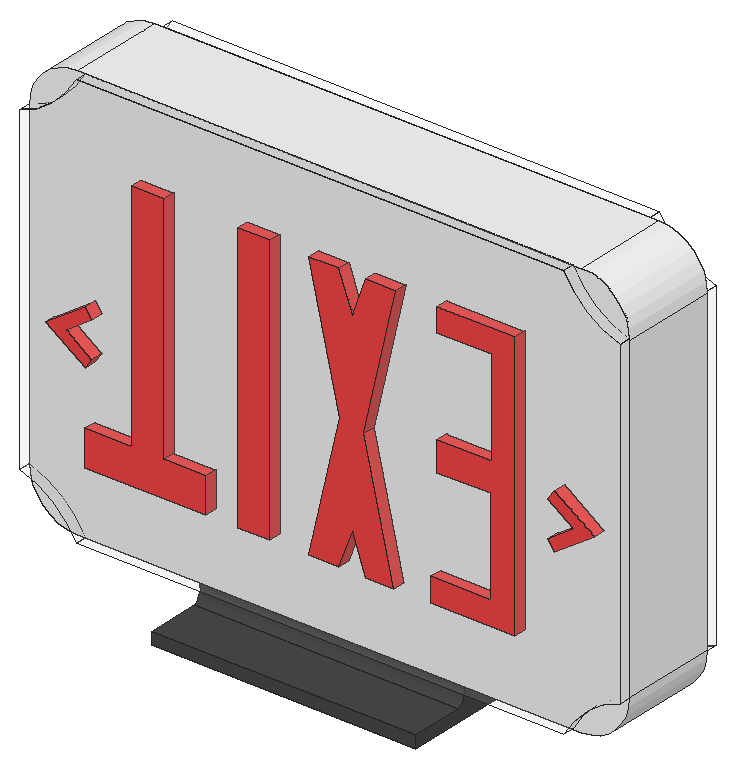
Revit family "CEW", category Lighting Fixtures, host Face, Revit 2014
Parameters (values of type "CEWDRE")
  zz Length 1 [instance] = if(Single Face, 0.200", 0.250")  # 0.200"
  Watts = 3.72 W
  Wattage Comments = "3.72 W"
  Warranty = "2 year full unit warranty"  # constant formula
  Wall Plate Material = Hubbell - Black
  Voltage [instance] = if(Is 120VAC, 120 V, 277 V)  # 120 V
  URL = "https://www.hubbell.com/compassproducts/en/"
  Type Comments = "Exit Light"  # constant formula
  Single Face = yes
  Product Page URL = "https://www.hubbell.com/compassproducts/en/Products/Lighting-Controls/Emergency-Exit-Lighting/Exit-Message-Signs/CEW/p/208920"
  Product Documentation Link = "https://hubbellcdn.com/specsheet/0003_cew_spec.pdf"
  Model = "CEWDRE"
  Manufacturer = "Compass Lighting"  # constant formula
  Load Classification = Lighting
  Lens = Hubbell - Red Glass
  Lamp = "LED Lamp"  # constant formula
  Is 277VAC [instance] = not(Is 120VAC)  # no
  Is 120VAC [instance] = yes
  Holder Material = Hubbell - Steel
  Glass = Hubbell - Glass
  Finish = Hubbell - White
  Features = "LED life-cycle of more than 10 years\r\n•\t Dual-voltage 120 or 277V AC input\r\n•\t Emergency models include long-life 4.8VDC Nickel\r\nCadmium battery for UL recognized 90 minute\r\noperation\r\n•\t Wet Location Listed(-20°C to 50°C)\r\n•\t Provided with test switch and AC-On indicator\r\n•\t Canopy Included\r\n•\t 24hr. Re-charge"  # constant formula
  Double Face = yes
  Description = "The CEW Series offers quality and value with a wet location rated emergency Exit sign."  # constant formula
  Default Elevation = 48.000"
  Certification = "UL924 Listed for Wet Location\r\nNFPA 101 and NFPA 70\r\nOSHA\r\nCEC T20 Compliant"  # constant formula
  Application = "The CEW Series can be applied in areas that are\r\nsusceptible to rain or wet conditions like pool areas or\r\nwater treatment facilities."  # constant formula
  Apparent Load = Watts  # 3.72 VA
Types (4): name | Watts | Wattage Comments | Model | Lens | Glass | Double Face | Apparent Load
  CEWDRE | 3.72 W | "3.72 W" | "CEWDRE" | Hubbell - Red Glass | Hubbell - Glass | yes | 3.72 VA
  CEWSRE | 3.72 W | "3.72 W" | "CEWSRE" | Hubbell - Red Glass | Hubbell - Glass | no | 3.72 VA
  CEWDGE | 2.7 W | "2.7W" | "CEWDGE" | Hubbell - Green Glass | Hubbell - light Glass | yes | 2.7 VA
  CEWSGE | 3.72 W | "3.72 W" | "CEWSGE" | Hubbell - Green Glass | Hubbell - light Glass | no | 3.72 VA
Reference planes (in)
  plane 1 "Center (Front/Back)": y = 0
  plane 2: z = 0
  plane 3 "Center (Left/Right)": x = 0
  plane 4: x = -6.25
  plane 5: x = 6.25
  plane 6: x = -2.75
  plane 7: x = 2.75
  plane 8: z = 9.3
  plane 9: y = -1.25
  plane 10: y = 1.25
  plane 11: y = -2.2
  plane 12: y = 2.2
Forms (in)
  Extrusion 1, solid, material "Hubbell - Black" <- "Wall Plate Material"
    sketch origin (0, 0, 0) x (0, 1, 0) y (0, 0, 1)
      loop
        line (2.20258, 0) -> (2.20258, 0.24288) -> (1.0795, 0.24288)
        arc (1.0795, 0.24288) -> (0.94157, 0.42301) -> (0.97906, 0.64676) r 0.28476
        line (0.97906, 0.64676) -> (-0.97906, 0.64676)
        arc (-0.97906, 0.64676) -> (-0.94157, 0.42301) -> (-1.0795, 0.24288) r 0.28476
        line (-1.0795, 0.24288) -> (-2.20258, 0.24288) -> (-2.20258, 0) -> (2.20258, 0)
    from -2.75 to 2.75
  Extrusion 2, solid, material "Hubbell - White" <- "Finish"
    sketch origin (0, 0, 0) x (1, 0, 0) y (0, 0, 1)
      loop
        arc (-5.25, 9.3) -> (-5.95711, 9.00711) -> (-6.25, 8.3) r 1
        line (-6.25, 8.3) -> (-6.25, 1.64676)
        arc (-6.25, 1.64676) -> (-5.95711, 0.93965) -> (-5.25, 0.64676) r 1
        line (-5.25, 0.64676) -> (5.25, 0.64676)
        arc (5.25, 0.64676) -> (5.95711, 0.93965) -> (6.25, 1.64676) r 1
        line (6.25, 1.64676) -> (6.25, 8.3)
        arc (6.25, 8.3) -> (5.95711, 9.00711) -> (5.25, 9.3) r 1
        line (5.25, 9.3) -> (-5.25, 9.3)
    from -1 to 1
  Extrusion 3, solid, material "Hubbell - Red Glass" <- "Lens", visible <- "Single Face"
    sketch origin (0, 0, 1.25) x (1, 0, 0) y (0, 0, 1)
      loop
        line (-4.88814, 3.88778) -> (-5.7073, 3.3142) -> (-4.88814, 2.74063) -> (-4.74475, 2.94542) -> (-5.27143, 3.3142) -> (-4.74475, 3.68299) -> (-4.88814, 3.88778)
      loop
        line (4.88814, 3.88778) -> (4.74475, 3.68299) -> (5.27143, 3.3142) -> (4.74475, 2.94542) -> (4.88814, 2.74063) -> (5.7073, 3.3142) -> (4.88814, 3.88778)
      loop
        line (2.43416, 6.45678) -> (2.43416, 5.97564) -> (3.5716, 5.97564) -> (3.5716, 3.97225) -> (2.43416, 3.97225) -> (2.43416, 3.36683) -> (3.55274, 3.3823) -> (3.55274, 1.3823) -> (2.30274, 1.3823) -> (2.30274, 0.8823) -> (4.05274, 0.8823) -> (4.05274, 6.45678) -> (2.43416, 6.45678)
      loop
        line (1.58093, 6.45573) -> (0.95036, 6.45573) -> (0.67318, 5.69418) -> (0.396, 6.45573) -> (-0.23457, 6.45573) -> (0.40867, 3.66954) -> (-0.23457, 0.88335) -> (0.396, 0.88335) -> (0.67318, 1.64489) -> (0.95036, 0.88335) -> (1.53078, 0.88335) -> (0.91261, 3.56092) -> (1.58093, 6.45573)
      loop
        line (-1.71319, 6.47228) -> (-1.71319, 0.88335) -> (-1.04357, 0.88335) -> (-1.04357, 6.47228) -> (-1.71319, 6.47228)
      loop
        line (-2.38057, 0.88335) -> (-2.38057, 1.61488) -> (-3.25288, 1.61488) -> (-3.25288, 6.47228) -> (-3.9225, 6.47228) -> (-3.9225, 1.61488) -> (-4.89234, 1.61488) -> (-4.89234, 0.88335) -> (-2.38057, 0.88335)
    from 1 to 1.25
  Extrusion 4, solid, material "Hubbell - Glass" <- "Glass", visible <- "Single Face"
    sketch origin (0, 0, 0) x (1, 0, 0) y (0, 0, 1)
      loop
        line (-6.24638, 8.32765) -> (-6.24638, 1.61911)
        arc (-6.24638, 1.61911) -> (-5.5641, 1.2506) -> (-5.0776, 0.64676) r 1.96421
        line (-5.0776, 0.64676) -> (5.0776, 0.64676)
        arc (5.0776, 0.64676) -> (5.5641, 1.2506) -> (6.24638, 1.61911) r 1.96421
        line (6.24638, 1.61911) -> (6.24638, 8.32765)
        arc (6.24638, 8.32765) -> (5.5641, 8.69616) -> (5.0776, 9.3) r 1.96421
        line (5.0776, 9.3) -> (-5.0776, 9.3)
        arc (-5.0776, 9.3) -> (-5.5641, 8.69616) -> (-6.24638, 8.32765) r 1.96421
    from 1 to 1.25
  Extrusion 5, solid, material "Hubbell - Red Glass" <- "Lens", visible <- "Double Face"
    sketch origin (0, 0, 8.60458) x (-1, 0, 0) y (0, 0, 1)
      loop
        line (-4.88814, -3.88778) -> (-4.74475, -3.68299) -> (-5.27143, -3.3142) -> (-4.74475, -2.94542) -> (-4.88814, -2.74063) -> (-5.7073, -3.3142) -> (-4.88814, -3.88778)
      loop
        line (4.88814, -3.88778) -> (5.7073, -3.3142) -> (4.88814, -2.74063) -> (4.74475, -2.94542) -> (5.27143, -3.3142) -> (4.74475, -3.68299) -> (4.88814, -3.88778)
      loop
        line (2.43416, -6.45678) -> (4.05274, -6.45678) -> (4.05274, -0.8823) -> (2.30274, -0.8823) -> (2.30274, -1.3823) -> (3.55274, -1.3823) -> (3.55274, -3.3823) -> (2.43416, -3.36683) -> (2.43416, -3.97225) -> (3.5716, -3.97225) -> (3.5716, -5.97564) -> (2.43416, -5.97564) -> (2.43416, -6.45678)
      loop
        line (1.58093, -6.45573) -> (0.91261, -3.56092) -> (1.53078, -0.88335) -> (0.95036, -0.88335) -> (0.67318, -1.64489) -> (0.396, -0.88335) -> (-0.23457, -0.88335) -> (0.40867, -3.66954) -> (-0.23457, -6.45573) -> (0.396, -6.45573) -> (0.67318, -5.69418) -> (0.95036, -6.45573) -> (1.58093, -6.45573)
      loop
        line (-1.71319, -6.47228) -> (-1.04357, -6.47228) -> (-1.04357, -0.88335) -> (-1.71319, -0.88335) -> (-1.71319, -6.47228)
      loop
        line (-4.89234, -6.47228) -> (-2.38057, -6.47228) -> (-2.38057, -5.74075) -> (-3.35041, -5.74075) -> (-3.35041, -0.88335) -> (-4.02003, -0.88335) -> (-4.02003, -5.74075) -> (-4.89234, -5.74075) -> (-4.89234, -6.47228)
    from 1 to 1.25
  Extrusion 6, solid, material "Hubbell - Glass" <- "Glass", visible <- "Double Face"
    sketch origin (0, 0, 0) x (1, 0, 0) y (0, 0, -1)
      loop
        arc (-6.24638, -8.32765) -> (-5.5641, -8.69616) -> (-5.0776, -9.3) r 1.96421
        line (-5.0776, -9.3) -> (5.0776, -9.3)
        arc (5.0776, -9.3) -> (5.5641, -8.69616) -> (6.24638, -8.32765) r 1.96421
        line (6.24638, -8.32765) -> (6.24638, -1.61911)
        arc (6.24638, -1.61911) -> (5.5641, -1.2506) -> (5.0776, -0.64676) r 1.96421
        line (5.0776, -0.64676) -> (-5.0776, -0.64676)
        arc (-5.0776, -0.64676) -> (-5.5641, -1.2506) -> (-6.24638, -1.61911) r 1.96421
        line (-6.24638, -1.61911) -> (-6.24638, -8.32765)
    from 1 to 1.25
Dimensions and locks (in)
  plane 4 to plane 3 "Center (Left/Right)" = 6.250"
  equal spacing: plane 4, plane 3 "Center (Left/Right)", plane 5
  equal spacing: plane 6, plane 3 "Center (Left/Right)", plane 7
  plane 6 to plane 3 "Center (Left/Right)" = 2.750"
  plane 7 to plane 6 = 5.500"
  plane 5 to plane 4 = 12.500"
  aligned and locked: plane 2 to host face
  aligned and locked: level to host face
  aligned and locked: Extrusion 1 to plane 6
  aligned and locked: plane 7 to Extrusion 1
Automatic sketch dimensions
  host sketch curve to host sketch curve = 96.000"  (x2)
  Extrusion 2 sketch curve to plane 4 = 0.000"
  Extrusion 2 sketch curve to plane 8 = 0.000"
  Extrusion 2 sketch curve to plane 5 = 0.000"
  level to Extrusion 2 sketch curve = 0.64676"
  plane 4 to Extrusion 2 sketch curve = 1.000"  (x2)
  Extrusion 2 sketch curve to plane 5 = 1.000"  (x2)
  plane 4 to Extrusion 3 sketch curve = 0.5427"
  Extrusion 3 sketch curve to Extrusion 3 sketch curve = 0.43586"  (x2)
  plane 4 to Extrusion 3 sketch curve = 1.35766"
  Extrusion 3 sketch curve to Extrusion 3 sketch curve = 0.38329"  (x2)
  Extrusion 3 sketch curve to Extrusion 3 sketch curve = 0.14339"  (x4)
  Extrusion 3 sketch curve to plane 6 = 1.1725"
  Extrusion 3 sketch curve to plane 6 = 0.50288"
  plane 6 to Extrusion 3 sketch curve = 0.36943"
  Extrusion 3 sketch curve to Extrusion 3 sketch curve = 0.66738"
  Extrusion 3 sketch curve to Extrusion 3 sketch curve = 0.66962"
  Extrusion 3 sketch curve to plane 3 "Center (Left/Right)" = 0.23457"  (x2)
  plane 3 "Center (Left/Right)" to Extrusion 3 sketch curve = 0.396"  (x2)
  plane 3 "Center (Left/Right)" to Extrusion 3 sketch curve = 0.40867"
  plane 3 "Center (Left/Right)" to Extrusion 3 sketch curve = 0.67318"  (x2)
  Extrusion 3 sketch curve to Extrusion 3 sketch curve = 0.50394"
  Extrusion 3 sketch curve to Extrusion 3 sketch curve = 0.55436"  (x2)
  Extrusion 3 sketch curve to Extrusion 3 sketch curve = 0.58042"
  Extrusion 3 sketch curve to Extrusion 3 sketch curve = 0.63057"
  Extrusion 3 sketch curve to plane 7 = 0.44726"
  Extrusion 3 sketch curve to plane 7 = 0.31584"  (x2)
  plane 7 to Extrusion 3 sketch curve = 0.80274"
  Extrusion 3 sketch curve to Extrusion 3 sketch curve = 0.01886"
  Extrusion 3 sketch curve to Extrusion 3 sketch curve = 0.48114"  (x2)
  Extrusion 3 sketch curve to Extrusion 3 sketch curve = 1.19201"
  Extrusion 3 sketch curve to Extrusion 3 sketch curve = 0.000"  (x5)
  Extrusion 3 sketch curve to Extrusion 3 sketch curve = 0.52668"
  level to Extrusion 3 sketch curve = 2.1323"
  level to Extrusion 3 sketch curve = 2.13335"
  Extrusion 3 sketch curve to Extrusion 3 sketch curve = 0.500"
  Extrusion 3 sketch curve to Extrusion 3 sketch curve = 0.73153"
  Extrusion 3 sketch curve to Extrusion 3 sketch curve = 0.76154"  (x2)
  Extrusion 3 sketch curve to Extrusion 3 sketch curve = 1.12575"
  Extrusion 3 sketch curve to Extrusion 3 sketch curve = 1.35833"
  Extrusion 3 sketch curve to Extrusion 3 sketch curve = 0.20479"  (x2)
  Extrusion 3 sketch curve to Extrusion 3 sketch curve = 1.98453"
  Extrusion 3 sketch curve to Extrusion 3 sketch curve = 0.01547"
  Extrusion 3 sketch curve to Extrusion 3 sketch curve = 0.19409"
  Extrusion 3 sketch curve to Extrusion 3 sketch curve = 0.10862"
  Extrusion 3 sketch curve to Extrusion 3 sketch curve = 0.58995"
  Extrusion 3 sketch curve to Extrusion 3 sketch curve = 2.02465"
  Extrusion 3 sketch curve to Extrusion 3 sketch curve = 0.28145"
  Extrusion 3 sketch curve to Extrusion 3 sketch curve = 0.48009"
  Extrusion 3 sketch curve to plane 8 = 1.57772"
  Extrusion 3 sketch curve to Extrusion 3 sketch curve = 0.01655"
  Extrusion 4 sketch curve to plane 8 = 0.000"
  Extrusion 4 sketch curve to level = 0.25938"  (x2)
  Extrusion 4 sketch curve to plane 4 = 0.57031"  (x2)
  plane 4 to Extrusion 4 sketch curve = 0.00362"
  plane 4 to Extrusion 4 sketch curve = 1.1724"  (x2)
  level to Extrusion 4 sketch curve = 0.64676"
  Extrusion 4 sketch curve to plane 5 = 1.1724"  (x2)
  Extrusion 4 sketch curve to plane 5 = 0.00362"
  plane 5 to Extrusion 4 sketch curve = 0.57031"  (x2)
  Extrusion 4 sketch curve to plane 8 = 0.97235"  (x2)
  Extrusion 6 sketch curve to plane 8 = 0.000"
  Extrusion 6 sketch curve to level = 0.25938"  (x2)
  Extrusion 6 sketch curve to plane 4 = 0.57031"  (x2)
  plane 4 to Extrusion 6 sketch curve = 0.00362"
  plane 4 to Extrusion 6 sketch curve = 1.1724"  (x2)
  level to Extrusion 6 sketch curve = 0.64676"
  Extrusion 6 sketch curve to plane 5 = 1.1724"  (x2)
  Extrusion 6 sketch curve to plane 5 = 0.00362"
  plane 5 to Extrusion 6 sketch curve = 0.57031"  (x2)
  plane 8 to Extrusion 6 sketch curve = 0.90614"  (x2)
  Extrusion 5 sketch curve to plane 5 = 0.5427"
  Extrusion 5 sketch curve to Extrusion 5 sketch curve = 0.43586"  (x2)
  Extrusion 5 sketch curve to plane 5 = 1.35766"
  Extrusion 5 sketch curve to Extrusion 5 sketch curve = 0.38329"  (x2)
  Extrusion 5 sketch curve to Extrusion 5 sketch curve = 0.14339"  (x4)
  plane 7 to Extrusion 5 sketch curve = 1.27003"
  plane 7 to Extrusion 5 sketch curve = 0.60041"
  Extrusion 5 sketch curve to plane 7 = 0.36943"
  Extrusion 5 sketch curve to Extrusion 5 sketch curve = 0.66738"
  Extrusion 5 sketch curve to Extrusion 5 sketch curve = 0.66962"
  plane 3 "Center (Left/Right)" to Extrusion 5 sketch curve = 0.23457"  (x2)
  Extrusion 5 sketch curve to plane 3 "Center (Left/Right)" = 0.396"  (x2)
  Extrusion 5 sketch curve to plane 3 "Center (Left/Right)" = 0.40867"
  Extrusion 5 sketch curve to plane 3 "Center (Left/Right)" = 0.67318"  (x2)
  Extrusion 5 sketch curve to Extrusion 5 sketch curve = 0.50394"
  Extrusion 5 sketch curve to Extrusion 5 sketch curve = 0.55436"  (x2)
  Extrusion 5 sketch curve to Extrusion 5 sketch curve = 0.58042"
  Extrusion 5 sketch curve to Extrusion 5 sketch curve = 0.63057"
  plane 6 to Extrusion 5 sketch curve = 0.44726"
  plane 6 to Extrusion 5 sketch curve = 0.31584"  (x2)
  Extrusion 5 sketch curve to plane 6 = 0.80274"
  Extrusion 5 sketch curve to Extrusion 5 sketch curve = 0.01886"
  Extrusion 5 sketch curve to Extrusion 5 sketch curve = 0.48114"  (x2)
  Extrusion 5 sketch curve to Extrusion 5 sketch curve = 1.19201"
  Extrusion 5 sketch curve to Extrusion 5 sketch curve = 0.000"  (x3)
  Extrusion 5 sketch curve to Extrusion 5 sketch curve = 0.52668"
  level to Extrusion 5 sketch curve = 2.1323"
  level to Extrusion 5 sketch curve = 2.1478"
  Extrusion 5 sketch curve to Extrusion 5 sketch curve = 0.01655"
  Extrusion 5 sketch curve to Extrusion 5 sketch curve = 0.00106"
  Extrusion 5 sketch curve to Extrusion 5 sketch curve = 0.73153"
  Extrusion 5 sketch curve to Extrusion 5 sketch curve = 0.76154"  (x2)
  Extrusion 5 sketch curve to Extrusion 5 sketch curve = 2.00339"
  Extrusion 5 sketch curve to Extrusion 5 sketch curve = 1.85297"
  Extrusion 5 sketch curve to Extrusion 5 sketch curve = 0.08447"
  Extrusion 5 sketch curve to Extrusion 5 sketch curve = 0.20479"  (x2)
  Extrusion 5 sketch curve to Extrusion 5 sketch curve = 2.02465"
  Extrusion 5 sketch curve to Extrusion 5 sketch curve = 0.10862"
  Extrusion 5 sketch curve to Extrusion 5 sketch curve = 0.58995"
  Extrusion 5 sketch curve to Extrusion 5 sketch curve = 0.60542"
  Extrusion 5 sketch curve to Extrusion 5 sketch curve = 1.91603"
  Extrusion 5 sketch curve to Extrusion 5 sketch curve = 0.2626"
  Extrusion 5 sketch curve to plane 8 = 1.57878"  (x2)
  Extrusion 5 sketch curve to Extrusion 5 sketch curve = 0.49894"
  Extrusion 5 sketch curve to Extrusion 5 sketch curve = 0.500"
  Extrusion 1 sketch curve to level = 0.000"
  plane 11 to Extrusion 1 sketch curve = 0.00258"
  Extrusion 1 sketch curve to plane 9 = 0.03208"
  Extrusion 1 sketch curve to plane 9 = 0.27094"
  plane 10 to Extrusion 1 sketch curve = 0.27094"
  plane 10 to Extrusion 1 sketch curve = 0.1705"
  plane 10 to Extrusion 1 sketch curve = 0.03208"
  Extrusion 1 sketch curve to plane 12 = 0.00258"
  Extrusion 1 sketch curve to Extrusion 1 sketch curve = 0.24288"
  level to Extrusion 1 sketch curve = 0.24288"
  Extrusion 1 sketch curve to Extrusion 1 sketch curve = 0.24885"  (x2)
Connectors (in)
  electrical at (0, 0, 0), driven by "Voltage", driven by "Apparent Load"
    settings: on Extrusion 1, index 1, voltage 120 V, apparent load 3.72 VA, apparent load phase1 0 VA, apparent load phase2 0 VA, apparent load phase3 0 VA, power factor 1, load classification "Other", number of poles 1, system type 30, power factor state 1, is connector primary yes, connector utility no, sub classification motor no, connector description "Lighting Connector"
